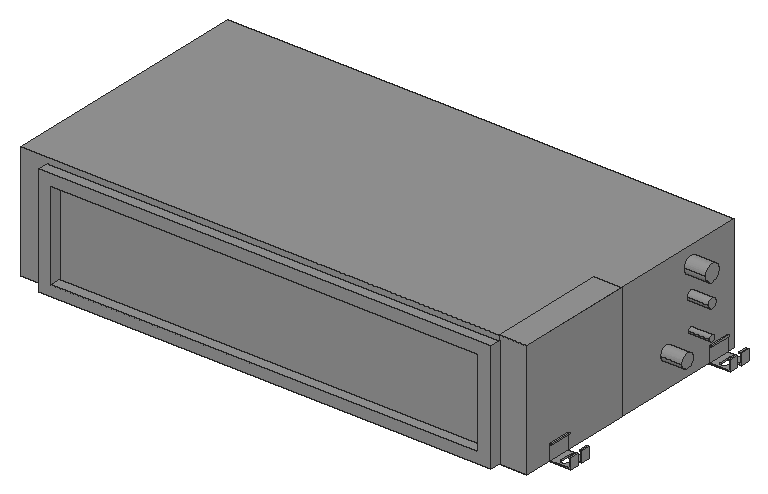
Revit family "Trane_TVR_Indoor_Medium static pressure_4TVD0018EF000AA(2nd DC)", category Equipamento mecânico, Revit 2019
Family settings
  Cota do conector redondo = Utilizar diâmetro
  Tipo de parte = Normal
  Número OmniClass = 23.75.00.00
  Título OmniClass = Climate Control (HVAC)
  Com base no plano de trabalho = Não
  Sempre na vertical = Sim
  Corte com vazios quando carregada = Não
  Compartilhado = Não
  Ponto de cálculo do ambiente = Não
Parameters (values of type "4TVD0018EF000AA")
  clearance access right = 600.000 mm
  clearance access left = 500.000 mm
  clearance access front = 0.000 mm
  clearance access behind = 0.000 mm
  clearance [instance] = no
  Width = 1000.000 mm
  URL = "https://www.trane.com/commercial/latin-america/br/pt.html"
  Series = "TVR ULTRA"
  Power supply = "220-240V ~50/60Hz"
  Net Weight = 21.50 kg
  Modelo = "4TVD0018EF000AA"
  Minimum Circuit Amps = 1 A
  Maximum Fuse Amps = 15 A
  Fabricante = "Trane"
  Machine material = grilles：ABS/HIPS
  Liquid pipe = 9.530 mm
  Installation = "Indoor installation"
  Height = 210.000 mm
  Heating Power Input = 92 W
  Heating Capacity = 6.30 kW
  Gas pipe = 15.900 mm
  Gas = "R410a"
  Descrição = "High efficiency air cooled"
  Depth = 500.000 mm
  Cooling Power Input = 92 W
  Cooling Capacity = 5.60 kW
  Condensation = "air"
  Air  Flow = "830/760/720/680/640/600/560 m3/h"
Reference planes
  plane 1 "Center(front/bcak)": y = 0
  plane 2: z = 0
  plane 3 "Center(Left/Right)": x = 0
  plane 4: z = 210
  plane 5: x = 460
Forms (mm)
  Extrusion 1, solid, material "grilles：ABS/HIPS" <- "Machine material", detail levels medium+fine
    sketch origin (0, 0, 0) x (1, 0, 0) y (0, 1, 0)
      loop
        line (0, 235) -> (-460, 235) -> (-460, -235) -> (460, -235) -> (460, 235) -> (0, 235)
    from 0 to 210
  Extrusion 2, solid, material "grilles：ABS/HIPS" <- "Machine material", detail levels fine
    sketch origin (0, 0, 0) x (1, 0, 0) y (0, 0, 1)
      loop
        line (-410, 200) -> (-410, 0) -> (410, 0) -> (410, 200) -> (-410, 200)
      loop
        line (-389, 180) -> (-389, 20) -> (386.647, 20) -> (386.647, 180) -> (-389, 180)
    from 235 to 255
  Extrusion 3, solid, material "grilles：ABS/HIPS" <- "Machine material", detail levels fine
    sketch origin (0, 510, 0) x (1, 0, 0) y (0, 0, 1)
      loop
        line (-366, 200) -> (-366, 0) -> (366, 0) -> (366, 200) -> (-366, 200)
      loop
        line (-360.293, 195.027) -> (-360.293, 5.508) -> (359.244, 5.508) -> (359.244, 195.027) -> (-360.293, 195.027)
    from 265 to 275
  Extrusion 4, solid, material "grilles：ABS/HIPS" <- "Machine material", detail levels fine
    sketch origin (0, 0, 0) x (0, 1, 0) y (0, 0, 1)
      loop
        circle (135, 180) r 15
    from 460 to 500
  Extrusion 5, solid, material "grilles：ABS/HIPS" <- "Machine material", detail levels fine
    sketch origin (0, 0, 0) x (0, 1, 0) y (0, 0, 1)
      loop
        circle (135, 130.396) r 7.95
    from 460 to 500
  Extrusion 6, solid, material "grilles：ABS/HIPS" <- "Machine material", detail levels fine
    sketch origin (0, 0, 0) x (0, 1, 0) y (0, 0, 1)
      loop
        circle (135, 73.557) r 4.765
    from 460 to 500
  Extrusion 7, solid, material "grilles：ABS/HIPS" <- "Machine material", detail levels fine
    sketch origin (0, 0, 0) x (0, 1, 0) y (0, 0, 1)
      loop
        circle (79.212, 61.022) r 12.5
    from 460 to 500
  Extrusion 8, solid, material "grilles：ABS/HIPS" <- "Machine material", detail levels fine
    sketch origin (0, 0, 0) x (1, 0, 0) y (0, 0, 1)
      loop
        line (460, 0) -> (460, 210) -> (410, 210) -> (410, 0) -> (460, 0)
    from 20 to 235
  Extrusion 9, solid, material "grilles：ABS/HIPS" <- "Machine material", detail levels fine
    sketch origin (0, 0, 0) x (0, 1, 0) y (0, 0, 1)
      loop
        circle (-154.402, 140.106) r 49
    from -460 to -414.467
Lines and regions (mm)
  model lines, detail levels fine
    curve 1: line (-389, -255, 180) -> (386.647, -255, 180)
    curve 2: line (-389, -255, 20) -> (-389, -255, 180)
    curve 3: line (388.207, -255, 20) -> (-389, -255, 20)
    curve 4: line (-389, -255, 20) -> (-229, -255, 180)
    curve 5: line (-329, -255, 20) -> (-169, -255, 180)
    curve 6: line (-269, -255, 20) -> (-109, -255, 180)
    curve 7: line (-209, -255, 20) -> (-49, -255, 180)
    curve 8: line (-149, -255, 20) -> (11, -255, 180)
    curve 9: line (-89, -255, 20) -> (71, -255, 180)
    curve 10: line (-389, -255, 140) -> (-349, -255, 180)
    curve 11: line (-389, -255, 80) -> (-289, -255, 180)
    curve 12: line (116.698, -255, 20) -> (-43.302, -255, 180)
    curve 13: line (56.698, -255, 20) -> (-103.302, -255, 180)
    curve 14: line (-3.302, -255, 20) -> (-163.302, -255, 180)
    curve 15: line (-63.302, -255, 20) -> (-223.302, -255, 180)
    curve 16: line (-123.302, -255, 20) -> (-283.302, -255, 180)
    curve 17: line (-183.302, -255, 20) -> (-343.302, -255, 180)
    curve 18: line (-243.302, -255, 20) -> (-389, -255, 165.698)
    curve 19: line (-303.302, -255, 20) -> (-389, -255, 105.698)
    curve 20: line (-363.302, -255, 20) -> (-389, -255, 45.698)
    curve 32: line (171, -255, 20) -> (11, -255, 180)
    curve 33: line (225.302, -255, 20) -> (65.302, -255, 180)
    curve 34: line (279.604, -255, 20) -> (119.604, -255, 180)
    curve 35: line (333.906, -255, 20) -> (173.906, -255, 180)
    curve 36: line (388.207, -255, 20) -> (228.207, -255, 180)
    curve 37: line (386.647, -255, 75.862) -> (282.509, -255, 180)
    curve 38: line (386.647, -255, 130.164) -> (336.811, -255, 180)
    curve 39: line (-40.396, -255, 20) -> (119.604, -255, 180)
    curve 40: line (8.207, -255, 20) -> (168.207, -255, 180)
    curve 41: line (56.811, -255, 20) -> (216.811, -255, 180)
    curve 42: line (105.415, -255, 20) -> (265.415, -255, 180)
    curve 43: line (154.019, -255, 20) -> (314.019, -255, 180)
    curve 44: line (202.622, -255, 20) -> (362.622, -255, 180)
    curve 45: line (251.226, -255, 20) -> (386.647, -255, 155.421)
    curve 46: line (299.83, -255, 20) -> (386.647, -255, 106.817)
    curve 47: line (348.434, -255, 20) -> (386.647, -255, 58.213)
  model lines
    curve 21: line (460, -235, 210) -> (-460, -235, 210)
    curve 22: line (-460, -235, 210) -> (-460, 235, 210)
    curve 23: line (-460, 235, 210) -> (460, 235, 210)
    curve 24: line (460, 235, 0) -> (-460, 235, 0)
    curve 25: line (-460, 235, 0) -> (-460, -235, 0)
    curve 26: line (-460, -235, 0) -> (460, -235, 0)
    curve 27: line (-460, -235, 210) -> (-460, -235, 0)
    curve 28: line (460, -235, 210) -> (460, 235, 210)
    curve 29: line (460, 235, 210) -> (460, 235, 0)
    curve 30: line (460, 235, 0) -> (460, -235, 0)
    curve 31: line (460, -235, 0) -> (460, -235, 210)
    curve 48: line (-460, 235, 210) -> (-460, 235, 0)
Dimensions and locks
  "Height": plane 4 to level
  "Depth": Extrusion 3 to Extrusion 2
  "Liquid pipe": diameter of Extrusion 6
  "Gas pipe": diameter of Extrusion 5
  aligned and locked: level to plane 2
Automatic sketch dimensions
  Extrusion 1 sketch curve to plane 3 "Center(Left/Right)" = 0.000 mm
  plane 1 "Center(front/bcak)" to Extrusion 1 sketch curve = 235.000 mm
  Extrusion 1 sketch curve to plane 3 "Center(Left/Right)" = 460.000 mm
  plane 3 "Center(Left/Right)" to Extrusion 1 sketch curve = 460.000 mm
  Extrusion 1 sketch curve to plane 1 "Center(front/bcak)" = 235.000 mm
  Extrusion 2 sketch curve to level = 0.000 mm
  Extrusion 2 sketch curve to plane 3 "Center(Left/Right)" = 410.000 mm
  level to Extrusion 2 sketch curve = 20.000 mm
  Extrusion 2 sketch curve to Extrusion 2 sketch curve = 21.000 mm
  plane 4 to Extrusion 2 sketch curve = 30.000 mm
  plane 3 "Center(Left/Right)" to Extrusion 2 sketch curve = 386.647 mm
  plane 4 to Extrusion 2 sketch curve = 10.000 mm
  Extrusion 2 sketch curve to Extrusion 2 sketch curve = 23.353 mm
  Extrusion 3 sketch curve to level = 0.000 mm
  Extrusion 3 sketch curve to plane 3 "Center(Left/Right)" = 366.000 mm
  level to Extrusion 3 sketch curve = 5.508 mm
  Extrusion 3 sketch curve to Extrusion 3 sketch curve = 5.707 mm
  plane 4 to Extrusion 3 sketch curve = 14.973 mm
  plane 3 "Center(Left/Right)" to Extrusion 3 sketch curve = 359.244 mm
  Extrusion 3 sketch curve to Extrusion 3 sketch curve = 6.756 mm
  Extrusion 3 sketch curve to Extrusion 3 sketch curve = 4.973 mm
  plane 4 to Extrusion 4 sketch curve = 30.000 mm
  Extrusion 4 sketch curve to plane 1 "Center(front/bcak)" = 135.000 mm
  Extrusion 5 sketch curve to plane 1 "Center(front/bcak)" = 135.000 mm
  plane 4 to Extrusion 5 sketch curve = 79.604 mm
  Extrusion 6 sketch curve to plane 1 "Center(front/bcak)" = 135.000 mm
  level to Extrusion 6 sketch curve = 73.557 mm
  Extrusion 7 sketch curve to plane 1 "Center(front/bcak)" = 79.212 mm
  level to Extrusion 7 sketch curve = 61.022 mm
  curve 21 to Extrusion 1 = 0.000 mm  (x3)
  curve 22 to Extrusion 1 = 0.000 mm
  curve 23 to Extrusion 1 = 0.000 mm
  curve 24 to Extrusion 1 = 0.000 mm  (x2)
  curve 25 to Extrusion 1 = 0.000 mm  (x2)
  curve 26 to Extrusion 1 = 0.000 mm
  curve 27 to Extrusion 1 = 0.000 mm  (x3)
  Extrusion 1 to curve 28 = 0.000 mm
  curve 28 to Extrusion 1 = 0.000 mm
  curve 30 to Extrusion 1 = 0.000 mm  (x2)
  Extrusion 8 sketch curve to level = 0.000 mm
  Extrusion 8 sketch curve to plane 4 = 0.000 mm
  plane 3 "Center(Left/Right)" to Extrusion 8 sketch curve = 410.000 mm
  Extrusion 8 sketch curve to Extrusion 8 sketch curve = 50.000 mm
  plane 4 to Extrusion 9 sketch curve = 69.894 mm
  plane 1 "Center(front/bcak)" to Extrusion 9 sketch curve = 154.402 mm
  curve 4 to Extrusion 2 = 0.000 mm  (x2)
  curve 34 to Extrusion 2 = 0.000 mm
  Extrusion 2 to curve 45 = 0.000 mm
  Extrusion 2 to curve 37 = 0.000 mm
  Extrusion 2 to curve 46 = 0.000 mm
  Extrusion 2 to curve 38 = 0.000 mm
  curve 1 to Extrusion 2 = 0.000 mm
  Extrusion 2 to curve 47 = 0.000 mm
  Extrusion 2 to curve 34 = 267.043 mm
  curve 3 to Extrusion 2 = 1.561 mm
  curve 2 to curve 20 = 25.698 mm  (x2)
  curve 1 to curve 10 = 40.000 mm
  curve 10 to curve 17 = 5.698 mm
  curve 20 to curve 5 = 34.302 mm
  curve 5 to curve 19 = 25.698 mm
  curve 17 to curve 11 = 54.302 mm
  curve 11 to curve 16 = 5.698 mm
  curve 19 to curve 6 = 34.302 mm
  curve 6 to curve 18 = 25.698 mm
  curve 16 to curve 4 = 54.302 mm
  curve 4 to curve 15 = 5.698 mm
  curve 18 to curve 7 = 34.302 mm
  curve 7 to curve 17 = 25.698 mm
  curve 15 to curve 5 = 54.302 mm
  curve 5 to curve 14 = 5.698 mm
  curve 17 to curve 8 = 34.302 mm
  curve 8 to curve 16 = 25.698 mm
  curve 14 to curve 6 = 54.302 mm
  curve 6 to curve 13 = 5.698 mm
  curve 16 to curve 9 = 34.302 mm
  curve 9 to curve 15 = 25.698 mm
  curve 13 to curve 7 = 54.302 mm
  curve 7 to curve 12 = 5.698 mm
  curve 15 to curve 39 = 22.906 mm
  curve 39 to curve 14 = 37.094 mm
  curve 14 to curve 40 = 11.509 mm
  curve 12 to curve 32 = 54.302 mm
  curve 8 to curve 32 = 0.000 mm
  curve 40 to curve 13 = 48.491 mm
  curve 13 to curve 41 = 0.113 mm
  curve 32 to curve 33 = 54.302 mm
  curve 33 to curve 9 = 5.698 mm
  curve 41 to curve 42 = 48.604 mm
  curve 42 to curve 12 = 11.283 mm
  curve 12 to curve 43 = 37.321 mm
  curve 34 to curve 40 = 48.604 mm
  curve 43 to curve 32 = 16.981 mm
  curve 40 to curve 35 = 5.698 mm
  curve 32 to curve 44 = 31.622 mm
  curve 35 to curve 41 = 42.906 mm
  curve 44 to curve 33 = 22.679 mm
  curve 41 to curve 36 = 11.396 mm
  curve 33 to curve 45 = 25.924 mm
  curve 36 to curve 42 = 37.207 mm
  curve 42 to curve 37 = 17.094 mm
  curve 34 to curve 46 = 20.226 mm
  curve 37 to curve 43 = 31.509 mm
  curve 46 to curve 35 = 34.076 mm
  curve 43 to curve 38 = 22.793 mm
  curve 35 to curve 47 = 14.528 mm
  Extrusion 2 to curve 44 = 24.025 mm
  Extrusion 2 to curve 47 = 38.213 mm
  curve 47 to curve 37 = 17.649 mm
  curve 20 to curve 11 = 34.302 mm
  curve 11 to curve 19 = 25.698 mm
  curve 37 to curve 46 = 30.955 mm
  curve 46 to curve 38 = 23.347 mm
  curve 19 to curve 10 = 34.302 mm
  Extrusion 2 to curve 45 = 24.579 mm
  Extrusion 2 to curve 18 = 14.302 mm
  curve 48 to Extrusion 1 = 0.000 mm  (x3)
  radius of Extrusion 4 sketch curve = 15.000 mm
  radius of Extrusion 5 sketch curve = 7.950 mm
  radius of Extrusion 6 sketch curve = 4.765 mm
  radius of Extrusion 7 sketch curve = 12.500 mm
  radius of Extrusion 9 sketch curve = 49.000 mm
Nested families
  nested 1: "Beautiful-Lagou" at (460, -185, 0) x (0, 1, 0) z (0, 0, 1), type "Lagou-HXL", detail levels fine
  nested 2: "Beautiful-Lagou" at (460, 176.991, 0) x (0, 1, 0) z (0, 0, 1), type "Lagou-HXL", detail levels fine
  nested 3: "Beautiful-Lagou" at (-460, 216.991, 0) x (0, -1, 0) z (0, 0, 1), type "Lagou-HXL", detail levels fine
  nested 4: "Beautiful-Lagou" at (-460, -145, 0) x (0, -1, 0) z (0, 0, 1), type "Lagou-HXL", detail levels fine
Connectors
  piping at (500, 79.212, 61.022), diameter 25
    settings: on Extrusion 7, index 11, connector inside diameter 25 mm, connector length 0.000 mm, flow factor 0, pipe flow 0.0 m³/h, pressure drop 0.0 Pa, fitting loss kfactor 0, connector angle 0.00°, fixture units 0, engagement length 0.000 mm, angle of deflection 0.00°, flow configuration 1, flow direction 2, fitting loss method 0, system type 29, joint type 0, gender type 0, connector reference index -1, connector utility 0, adjustable connector no, is connector primary yes, connector description "Drain pipe OD Φ 25mm"
  piping at (500, 135, 73.557), diameter 9.53
    settings: on Extrusion 6, index 16, connector inside diameter 9.53 mm, connector length 0.000 mm, flow factor 0, pipe flow 0.0 m³/h, pressure drop 0.0 Pa, fitting loss kfactor 0, connector angle 0.00°, fixture units 0, engagement length 0.000 mm, angle of deflection 0.00°, flow configuration 1, flow direction 0, fitting loss method 4, system type 22, joint type 0, gender type 0, connector reference index -1, connector utility 0, adjustable connector no, is connector primary no, connector description "Liquid pipe Φ9.53mm"
  piping at (500, 135, 130.396), diameter 15.9
    settings: on Extrusion 5, index 17, connector inside diameter 15.9 mm, connector length 0.000 mm, flow factor 0, pipe flow 0.0 m³/h, pressure drop 0.0 Pa, fitting loss kfactor 0, connector angle 0.00°, fixture units 0, engagement length 0.000 mm, angle of deflection 0.00°, flow configuration 1, flow direction 0, fitting loss method 4, system type 22, joint type 0, gender type 0, connector reference index -1, connector utility 0, adjustable connector no, is connector primary no, connector description "Gas pipe Φ15.9mm"
  electrical at (460, -127.5, 105)
    settings: on Extrusion 8, index 18, voltage 220 V, apparent load 0 VA, apparent load phase1 0 VA, apparent load phase2 0 VA, apparent load phase3 0 VA, power factor 1, load classification "Power", number of poles 1, system type 30, power factor state 1, is connector primary yes, connector utility no, sub classification motor no, connector description "The location of electrical connectors is not the same as the actual location because the wiring terminal is inside the unit."
  hvac at (-460, -154.402, 140.106)
    settings: on Extrusion 9, index 21, duct flow 0.0 m³/h, flow factor 0, pres drop 0.0 Pa, loss coef 0, conn angle 0.00°, conn width 304.8 mm, conn height 304.8 mm, conn diameter 98 mm, duct sys type 4, conn prof type 0, flow config 0, flow direction 0, loss method 0, conn ref index -1, conn util no, is conn primary yes, conn desc ""
  hvac at (0, -255, 100)
    settings: on Extrusion 2, index 22, duct flow 0.0 m³/h, flow factor 0, pres drop 0.0 Pa, loss coef 0, conn angle 0.00°, conn width 734 mm, conn height 147 mm, conn diameter 609.6 mm, duct sys type 3, conn prof type 1, flow config 0, flow direction 0, loss method 0, conn ref index -1, conn util no, is conn primary no, conn desc ""
  hvac at (0, 245, 100)
    settings: on Extrusion 3, index 23, duct flow 0.0 m³/h, flow factor 0, pres drop 0.0 Pa, loss coef 0, conn angle 0.00°, conn width 734 mm, conn height 147 mm, conn diameter 609.6 mm, duct sys type 3, conn prof type 1, flow config 0, flow direction 0, loss method 0, conn ref index -1, conn util no, is conn primary no, conn desc ""
Definition of nested family "Beautiful-Lagou"
  Parameters
    Manufacturer = "HXL"
    Machine material = none
  Reference planes
    plane 1 "Center (Front/Back)": y = 0
    plane 2: z = 0
    plane 3 "Center (Left/Right)": x = 0
  Forms (mm)
    Extrusion 1, solid, material <- "Machine material"
      sketch origin (0, 0, 0) x (0, 1, 0) y (0, 0, 1)
        loop
          line (0, 0) -> (0, 20) -> (0, 30) -> (-5, 30) -> (-5, 28) -> (-2, 28) -> (-2, 2) -> (-38, 2) -> (-38, 18) -> (-35, 18) -> (-35, 20) -> (-38, 20) -> (-40, 20) -> (-40, 0) -> (0, 0)
      from 0 to 40
    Extrusion 2, void
      sketch origin (0, 0, 0) x (1, 0, 0) y (0, 1, 0)
        loop
          arc (10, -14) -> (4, -20) -> (10, -26) r 6
          line (10, -26) -> (30, -26)
          arc (30, -26) -> (36, -20) -> (30, -14) r 6
          line (30, -14) -> (10, -14)
      from 0 to 2
    Extrusion 3, void
      sketch origin (0, 0, 0) x (1, 0, 0) y (0, 1, 0)
        loop
          line (15, -26) -> (15, -40) -> (25, -40) -> (25, -26) -> (15, -26)
      from 0 to 250
  Cuts and joins
    Extrusion 2, Extrusion 3 cuts Extrusion 1
  Dimensions and locks
    aligned and locked: level to plane 2
